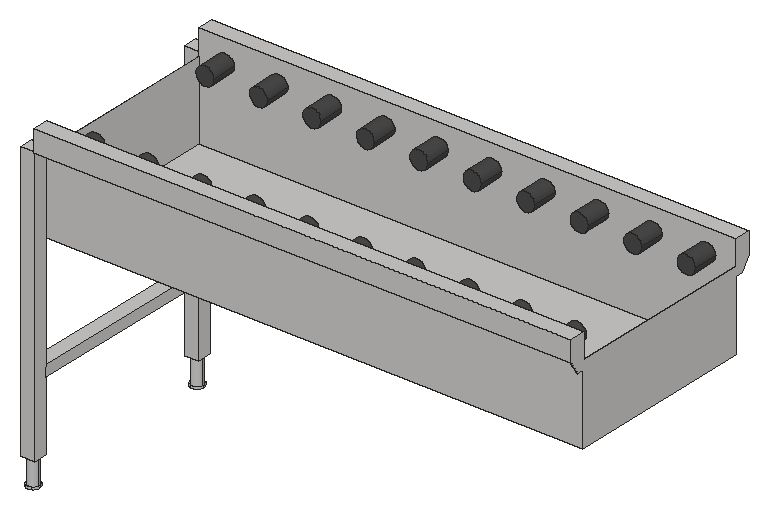
Revit family "QF_ELECTROLUXPROFESSIONAL_863070_HSSRDB15", category Specialty Equipment, Revit 2018
Family settings
  Round Connector Dimension = Use Diameter
  Part Type = Normal
  Work Plane-Based = No
  Always vertical = Yes
  Cut with Voids When Loaded = No
  Shared = No
  Room Calculation Point = No
Parameters
  Weight = 0.00 kg
  Watts = 0 W
  Volts = 0 V
  URL Manufacturer = "http://professional.electrolux.com/"
  URL = "http://professional.electrolux.com/"
  Steam Supply Size = 0 mm
  Steam Supply Minimum Pressure = 0.0 Pa
  Steam Supply Maximum Pressure = 0.0 Pa
  Steam Pounds per Hour = 0
  Refrigeration Suction Line Size = 0 mm
  Refrigeration Liquid Line Size = 0 mm
  Refrigerant Compressor Remote = yes
  Manufacturer = "Electrolux"
  Phase = 0
  Model = "HSSRDB15"
  Length Actual = 1500 mm  # constant formula
  Item Number = "863070"
  Hot Water Size = 0 mm
  Height Actual = 910 mm  # constant formula
  HP = "0 HP"
  Gas Size = 0 mm
  Gas KW = 0
  Gas Input Pressure = 0 W
  Description = "SHORT ROLLER CONVEYOR WITH DEEP BASIN,  L=1500 MM"
  Depth Actual = 620 mm  # constant formula
  Cycle = 0 Hz
  Condensate Return Size = 0 mm
  Compressed Air Volume = 0.0 L/s
  Compressed Air Size = 0 mm
  Compressed Air Pressure = 0.0 Pa
  Cold Water Size = 0 mm
  Accessory = yes
Reference planes
  plane 1 "Centro (Fronte/Retro)": y = 74.737
  plane 2: z = 0
  plane 3 "LEFT": x = -1038.761
  plane 4 "BACK": y = 384.737
  plane 5 "FRONT": y = -235.263
  plane 6: z = 910
  plane 7 "RIGHT": x = 461.239
  plane 8: x = -288.761
Forms (mm)
  Extrusion 1, solid, material "QF_Finishes_Stainless Steel"
    sketch origin (0, 74.737, 0) x (1, 0, 0) y (0, 0, 1)
      loop
        line (-1079.929, 300) -> (-1079.929, 270) -> (-1039.929, 270) -> (-1039.929, 300) -> (-1079.929, 300)
    from -266.504 to 266.46
  Extrusion 2, solid, material "QF_Finishes_Stainless Steel"
    sketch origin (11.239, 0, 0) x (0, 1, 0) y (0, 0, 1)
      loop
        line (-235.263, 910) -> (-235.263, 850.033) -> (-190.242, 850.033) -> (-190.242, 910) -> (-235.263, 910)
      loop
        line (384.737, 910) -> (339.716, 910) -> (339.716, 850.033) -> (384.737, 850.033) -> (384.737, 910)
    from -1048.8 to 448.8
  Extrusion 3, solid, material "QF_Finishes_Stainless Steel"
    sketch origin (11.239, 0, 0) x (0, 1, 0) y (0, 0, 1)
      loop
        line (-191.727, 850.033) -> (-191.727, 618.033) -> (341.245, 618.033) -> (341.245, 850.033) -> (339.716, 850.033) -> (339.716, 621.033) -> (-190.242, 621.033) -> (-190.242, 850.033) -> (-191.727, 850.033)
    from -1048.8 to 448.8
  Extrusion 4, solid, material "QF_Finishes_Stainless Steel"
    sketch origin (1761.239, 723.253, 4000) x (0, 1, 0) y (0, 0, 1)
      loop
        line (-958.516, -3090) -> (-958.516, -3149.967) -> (-934.752, -3185.632) -> (-914.981, -3185.632) -> (-914.981, -3381.967) -> (-382.009, -3381.967) -> (-382.009, -3185.632) -> (-362.281, -3185.632) -> (-338.516, -3149.967) -> (-338.516, -3090) -> (-383.538, -3090) -> (-383.538, -3161.926) -> (-913.495, -3161.926) -> (-913.495, -3090) -> (-958.516, -3090)
    from -1300 to -1301.2
  Revolve 5, solid, material "QF_Finishes_Stainless Steel"
    sketch origin (-288.761, 0, 0) x (0, 1, 0) y (0, 0, 1)
      loop
        line (74.737, 618.033) -> (-1.756, 618.033) -> (-1.756, 601.823) -> (0.354, 601.823)
        arc (0.354, 601.823) -> (3.64, 597.973) -> (0.351, 594.125) r 3.897
        line (0.351, 594.125) -> (-1.756, 594.125) -> (-1.756, 551.31)
        arc (-1.756, 551.31) -> (8.91, 520.632) -> (36.296, 503.17) r 49.497
        line (36.296, 503.17) -> (36.296, 500.684) -> (37.487, 497.398) -> (51.25, 491.407) -> (51.25, 455.535) -> (52.727, 454.059) -> (74.737, 454.059) -> (74.737, 618.033)
      axis (74.737, 454.059) -> (74.737, 618.033)
    angle from 0 to 360
  Extrusion 6, solid, material "QF_Finishes_Stainless Steel"
    sketch origin (-537.561, 723.253, 4000) x (0, 1, 0) y (0, 0, 1)
      loop
        line (-958.516, -3090) -> (-958.516, -3149.967) -> (-914.981, -3149.967) -> (-914.981, -3381.967) -> (-382.009, -3381.967) -> (-382.009, -3149.967) -> (-338.516, -3149.967) -> (-338.516, -3090) -> (-383.538, -3090) -> (-383.538, -3161.926) -> (-913.495, -3161.926) -> (-913.495, -3090) -> (-958.516, -3090)
    from -500 to -501.2
  Extrusion 7, solid, material "QF_Finishes_Black"
    sketch origin (0, 74.737, 0) x (1, 0, 0) y (0, 0, 1)
      loop
        circle (-961.28, 850.115) r 25
      loop
        circle (-811.832, 850.115) r 25
      loop
        circle (84.861, 850.115) r 25
      loop
        circle (234.309, 850.115) r 25
      loop
        circle (383.758, 850.115) r 25
      loop
        circle (-64.588, 850.115) r 25
      loop
        circle (-662.383, 850.115) r 25
      loop
        circle (-214.037, 850.115) r 25
      loop
        circle (-363.485, 850.115) r 25
      loop
        circle (-512.934, 850.115) r 25
    from 190.58 to 260.534
  Extrusion 8, solid, material "QF_Finishes_Black"
    sketch origin (0, 74.737, 0) x (1, 0, 0) y (0, 0, -1)
      loop
        circle (-961.28, -850.115) r 25
      loop
        circle (-811.832, -850.115) r 25
      loop
        circle (84.861, -850.115) r 25
      loop
        circle (234.309, -850.115) r 25
      loop
        circle (383.758, -850.115) r 25
      loop
        circle (-64.588, -850.115) r 25
      loop
        circle (-662.383, -850.115) r 25
      loop
        circle (-214.037, -850.115) r 25
      loop
        circle (-363.485, -850.115) r 25
      loop
        circle (-512.934, -850.115) r 25
    from 190.58 to 260.534
Cuts and joins
  joined: Extrusion 2, Extrusion 3, Extrusion 4, Revolve 5, Extrusion 6
Lines and regions (mm)
  Split face 1
    outline origin (758.239, 339.716, 621.033) x (-1, 0, 0) y (0, -1, 0)
      loop
        circle (1047, 264.904) r 3.016
  Split face 2
    outline origin (758.239, 339.716, 621.033) x (-1, 0, 0) y (0, -1, 0)
      loop
        circle (1047, 264.904) r 52.991
  Split face 3
    outline origin (758.239, 339.716, 621.033) x (-1, 0, 0) y (0, -1, 0)
      loop
        circle (1047, 264.904) r 36.015
  Split face 4
    outline origin (758.239, 339.716, 621.033) x (-1, 0, 0) y (0, -1, 0)
      loop
        circle (1047, 264.904) r 26.027
  Split face 5
    outline origin (758.239, 339.716, 621.033) x (-1, 0, 0) y (0, -1, 0)
      loop
        circle (1047, 264.904) r 9.056
  Masking region 1
    outline origin (0, 0, 0) x (1, 0, 0) y (0, 1, 0)
      loop
        line (-1038.761, 384.737) -> (-1038.761, -235.263) -> (461.239, -235.263) -> (461.239, 384.737) -> (-1038.761, 384.737)
  symbolic lines
    curve 1: line (461.239, 384.737, 0) -> (-1038.761, 384.737, 0)
    curve 2: line (-1038.761, 384.737, 0) -> (-1038.761, -235.263, 0)
    curve 3: line (-1038.761, 339.716, 0) -> (461.239, 339.716, 0)
    curve 4: line (-1038.761, -235.263, 0) -> (461.239, -235.263, 0)
    curve 5: line (461.239, -235.263, 0) -> (461.239, 384.737, 0)
    curve 6: line (461.239, -190.242, 0) -> (-1038.761, -190.242, 0)
    curve 7: line (-936.28, -185.797, 0) -> (-986.28, -185.797, 0)
    curve 8: line (-986.28, -185.797, 0) -> (-986.28, -115.842, 0)
    curve 9: line (-986.28, -115.842, 0) -> (-936.28, -115.842, 0)
    curve 10: line (-936.28, -115.842, 0) -> (-936.28, -185.797, 0)
    curve 11: line (-786.832, -185.797, 0) -> (-836.832, -185.797, 0)
    curve 12: line (-836.832, -185.797, 0) -> (-836.832, -115.842, 0)
    curve 13: line (-836.832, -115.842, 0) -> (-786.832, -115.842, 0)
    curve 14: line (-786.832, -115.842, 0) -> (-786.832, -185.797, 0)
    curve 15: line (-637.383, -185.797, 0) -> (-687.383, -185.797, 0)
    curve 16: line (-687.383, -185.797, 0) -> (-687.383, -115.842, 0)
    curve 17: line (-687.383, -115.842, 0) -> (-637.383, -115.842, 0)
    curve 18: line (-637.383, -115.842, 0) -> (-637.383, -185.797, 0)
    curve 19: line (-189.037, -185.797, 0) -> (-239.037, -185.797, 0)
    curve 20: line (-239.037, -185.797, 0) -> (-239.037, -115.842, 0)
    curve 21: line (-239.037, -115.842, 0) -> (-189.037, -115.842, 0)
    curve 22: line (-189.037, -115.842, 0) -> (-189.037, -185.797, 0)
    curve 23: line (461.239, 74.737, 0) -> (431.239, 74.737, 0)
    curve 24: line (-1038.761, 74.737, 0) -> (-1008.761, 74.737, 0)
    curve 25: arc (-288.761, 151.231, 0) -> (-212.267, 74.737, 0) -> (-288.761, -1.756, 0) r 76.494
    curve 26: arc (-288.761, -1.756, 0) -> (-365.254, 74.737, 0) -> (-288.761, 151.231, 0) r 76.494
    curve 27: arc (-288.761, 96.747, 0) -> (-310.771, 74.737, 0) -> (-288.761, 52.727, 0) r 22.01
    curve 28: arc (-288.761, 52.727, 0) -> (-266.751, 74.737, 0) -> (-288.761, 96.747, 0) r 22.01
    curve 29: line (-39.588, -185.797, 0) -> (-89.588, -185.797, 0)
    curve 30: line (-89.588, -185.797, 0) -> (-89.588, -115.842, 0)
    curve 31: line (-89.588, -115.842, 0) -> (-39.588, -115.842, 0)
    curve 32: line (-39.588, -115.842, 0) -> (-39.588, -185.797, 0)
    curve 33: line (109.861, -185.797, 0) -> (59.861, -185.797, 0)
    curve 34: line (59.861, -185.797, 0) -> (59.861, -115.842, 0)
    curve 35: line (59.861, -115.842, 0) -> (109.861, -115.842, 0)
    curve 36: line (109.861, -115.842, 0) -> (109.861, -185.797, 0)
    curve 37: line (408.758, -185.797, 0) -> (358.758, -185.797, 0)
    curve 38: line (358.758, -185.797, 0) -> (358.758, -115.842, 0)
    curve 39: line (358.758, -115.842, 0) -> (408.758, -115.842, 0)
    curve 40: line (408.758, -115.842, 0) -> (408.758, -185.797, 0)
    curve 41: line (-487.934, -185.797, 0) -> (-537.934, -185.797, 0)
    curve 42: line (-537.934, -185.797, 0) -> (-537.934, -115.842, 0)
    curve 43: line (-537.934, -115.842, 0) -> (-487.934, -115.842, 0)
    curve 44: line (-487.934, -115.842, 0) -> (-487.934, -185.797, 0)
    curve 45: line (-338.485, -185.797, 0) -> (-388.485, -185.797, 0)
    curve 46: line (-388.485, -185.797, 0) -> (-388.485, -115.842, 0)
    curve 47: line (-388.485, -115.842, 0) -> (-338.485, -115.842, 0)
    curve 48: line (-338.485, -115.842, 0) -> (-338.485, -185.797, 0)
    curve 49: line (259.309, -185.797, 0) -> (209.309, -185.797, 0)
    curve 50: line (209.309, -185.797, 0) -> (209.309, -115.842, 0)
    curve 51: line (209.309, -115.842, 0) -> (259.309, -115.842, 0)
    curve 52: line (259.309, -115.842, 0) -> (259.309, -185.797, 0)
    curve 53: line (-936.28, 335.271, 0) -> (-986.28, 335.271, 0)
    curve 54: line (-986.28, 335.271, 0) -> (-986.28, 265.317, 0)
    curve 55: line (-986.28, 265.317, 0) -> (-936.28, 265.317, 0)
    curve 56: line (-936.28, 265.317, 0) -> (-936.28, 335.271, 0)
    curve 57: line (-786.832, 335.271, 0) -> (-836.832, 335.271, 0)
    curve 58: line (-836.832, 335.271, 0) -> (-836.832, 265.317, 0)
    curve 59: line (-836.832, 265.317, 0) -> (-786.832, 265.317, 0)
    curve 60: line (-786.832, 265.317, 0) -> (-786.832, 335.271, 0)
    curve 61: line (-637.383, 335.271, 0) -> (-687.383, 335.271, 0)
    curve 62: line (-687.383, 335.271, 0) -> (-687.383, 265.317, 0)
    curve 63: line (-687.383, 265.317, 0) -> (-637.383, 265.317, 0)
    curve 64: line (-637.383, 265.317, 0) -> (-637.383, 335.271, 0)
    curve 65: line (-189.037, 335.271, 0) -> (-239.037, 335.271, 0)
    curve 66: line (-239.037, 335.271, 0) -> (-239.037, 265.317, 0)
    curve 67: line (-239.037, 265.317, 0) -> (-189.037, 265.317, 0)
    curve 68: line (-189.037, 265.317, 0) -> (-189.037, 335.271, 0)
    curve 69: line (-39.588, 335.271, 0) -> (-89.588, 335.271, 0)
    curve 70: line (-89.588, 335.271, 0) -> (-89.588, 265.317, 0)
    curve 71: line (-89.588, 265.317, 0) -> (-39.588, 265.317, 0)
    curve 72: line (-39.588, 265.317, 0) -> (-39.588, 335.271, 0)
    curve 73: line (109.861, 335.271, 0) -> (59.861, 335.271, 0)
    curve 74: line (59.861, 335.271, 0) -> (59.861, 265.317, 0)
    curve 75: line (59.861, 265.317, 0) -> (109.861, 265.317, 0)
    curve 76: line (109.861, 265.317, 0) -> (109.861, 335.271, 0)
    curve 77: line (408.758, 335.271, 0) -> (358.758, 335.271, 0)
    curve 78: line (358.758, 335.271, 0) -> (358.758, 265.317, 0)
    curve 79: line (358.758, 265.317, 0) -> (408.758, 265.317, 0)
    curve 80: line (408.758, 265.317, 0) -> (408.758, 335.271, 0)
    curve 81: line (-487.934, 335.271, 0) -> (-537.934, 335.271, 0)
    curve 82: line (-537.934, 335.271, 0) -> (-537.934, 265.317, 0)
    curve 83: line (-537.934, 265.317, 0) -> (-487.934, 265.317, 0)
    curve 84: line (-487.934, 265.317, 0) -> (-487.934, 335.271, 0)
    curve 85: line (-338.485, 335.271, 0) -> (-388.485, 335.271, 0)
    curve 86: line (-388.485, 335.271, 0) -> (-388.485, 265.317, 0)
    curve 87: line (-388.485, 265.317, 0) -> (-338.485, 265.317, 0)
    curve 88: line (-338.485, 265.317, 0) -> (-338.485, 335.271, 0)
    curve 89: line (259.309, 335.271, 0) -> (209.309, 335.271, 0)
    curve 90: line (209.309, 335.271, 0) -> (209.309, 265.317, 0)
    curve 91: line (209.309, 265.317, 0) -> (259.309, 265.317, 0)
    curve 92: line (259.309, 265.317, 0) -> (259.309, 335.271, 0)
Dimensions and locks
  plane 3 "LEFT" to plane 7 "RIGHT" = 1500 mm
  equal spacing: plane 4 "BACK", plane 1 "Centro (Fronte/Retro)", plane 5 "FRONT"
  plane 4 "BACK" to plane 5 "FRONT" = 620 mm
  equal spacing: plane 3 "LEFT", plane 8, plane 7 "RIGHT"
  locked: Extrusion 7 sketch curve to plane 3 "LEFT" at 77.481
  locked: plane 7 "RIGHT" to Extrusion 7 sketch curve at 77.481
  equal spacing: Extrusion 7 sketch curve, Extrusion 7 sketch curve, Extrusion 7 sketch curve, Extrusion 7 sketch curve, Extrusion 7 sketch curve, Extrusion 7 sketch curve, Extrusion 7 sketch curve, Extrusion 7 sketch curve, Extrusion 7 sketch curve, Extrusion 7 sketch curve
  equal spacing: Extrusion 8 sketch curve, Extrusion 8 sketch curve, Extrusion 8 sketch curve, Extrusion 8 sketch curve, Extrusion 8 sketch curve, Extrusion 8 sketch curve, Extrusion 8 sketch curve, Extrusion 8 sketch curve, Extrusion 8 sketch curve, Extrusion 8 sketch curve
  aligned and locked: level to plane 2
  aligned and locked: plane 8 to cut or joined group of Extrusion 2, Extrusion 3, Extrusion 4, Revolve 5, Extrusion 6
Automatic sketch dimensions
  curve 25 to curve 26 = 0 mm  (x2)
  curve 25 to curve 27 = 0 mm  (x2)
  curve 25 to curve 28 = 0 mm  (x2)
  curve 26 to curve 27 = 0 mm  (x2)
  curve 26 to curve 28 = 0 mm  (x2)
  curve 27 to curve 28 = 0 mm  (x2)
  curve 1 to plane 3 "LEFT" = 0 mm
  plane 1 "Centro (Fronte/Retro)" to curve 24 = 0 mm
  curve 25 to plane 8 = 0 mm
  plane 1 "Centro (Fronte/Retro)" to curve 23 = 0 mm
  curve 6 to plane 7 "RIGHT" = 0 mm
  curve 4 to plane 5 "FRONT" = 0 mm
  plane 1 "Centro (Fronte/Retro)" to curve 25 = 0 mm
  curve 2 to plane 4 "BACK" = 0 mm
  plane 3 "LEFT" to curve 54 = 52.481 mm
  plane 3 "LEFT" to curve 9 = 52.481 mm
  curve 8 to curve 9 = 50 mm
  curve 54 to curve 55 = 50 mm
  curve 9 to curve 12 = 99.449 mm
  curve 55 to curve 59 = 99.449 mm
  curve 11 to curve 11 = 50 mm
  curve 57 to curve 60 = 50 mm
  curve 59 to curve 63 = 99.449 mm
  plane 5 "FRONT" to curve 16 = 49.466 mm
  curve 11 to curve 16 = 99.449 mm
  curve 61 to curve 61 = 50 mm
  curve 15 to curve 15 = 50 mm
  plane 5 "FRONT" to curve 42 = 49.466 mm
  curve 15 to curve 42 = 99.449 mm
  curve 63 to curve 83 = 99.449 mm
  curve 82 to curve 84 = 50 mm
  curve 41 to curve 44 = 50 mm
  curve 43 to curve 47 = 99.449 mm
  curve 85 to plane 4 "BACK" = 49.466 mm
  curve 81 to curve 85 = 99.449 mm
  plane 8 to curve 88 = 49.724 mm
  plane 8 to curve 48 = 49.724 mm
  curve 20 to plane 8 = 49.724 mm
  curve 67 to plane 8 = 49.724 mm
  curve 19 to curve 22 = 50 mm
  curve 66 to curve 67 = 50 mm
  curve 67 to curve 70 = 99.449 mm
  plane 5 "FRONT" to curve 29 = 49.466 mm
  curve 19 to curve 29 = 99.449 mm
  curve 70 to curve 72 = 50 mm
  curve 29 to curve 32 = 50 mm
  plane 5 "FRONT" to curve 34 = 49.466 mm
  curve 29 to curve 34 = 99.449 mm
  curve 74 to plane 4 "BACK" = 49.466 mm
  curve 69 to curve 74 = 99.449 mm
  curve 73 to curve 76 = 50 mm
  curve 33 to curve 33 = 50 mm
  curve 75 to curve 91 = 99.449 mm
  curve 35 to curve 51 = 99.449 mm
  curve 49 to curve 49 = 50 mm
  curve 89 to curve 89 = 50 mm
  curve 51 to curve 38 = 99.449 mm
  curve 91 to curve 79 = 99.449 mm
  curve 38 to curve 40 = 50 mm
  curve 78 to curve 79 = 50 mm
  plane 5 "FRONT" to curve 40 = 49.466 mm
  plane 5 "FRONT" to curve 52 = 49.466 mm
  plane 5 "FRONT" to curve 46 = 49.466 mm
  plane 5 "FRONT" to curve 7 = 49.466 mm
  plane 5 "FRONT" to curve 11 = 49.466 mm
  plane 5 "FRONT" to curve 19 = 49.466 mm
  curve 19 to curve 21 = 69.954 mm
  curve 45 to curve 48 = 69.954 mm
  curve 15 to curve 18 = 69.954 mm
  curve 41 to curve 44 = 69.954 mm
  curve 11 to curve 14 = 69.954 mm
  curve 29 to curve 30 = 69.954 mm
  curve 7 to curve 10 = 69.954 mm
  curve 33 to curve 34 = 69.954 mm
  curve 49 to curve 50 = 69.954 mm
  curve 37 to curve 38 = 69.954 mm
  curve 87 to curve 85 = 69.954 mm
  curve 90 to plane 4 "BACK" = 119.42 mm
  curve 84 to curve 86 = 0 mm
  curve 54 to plane 4 "BACK" = 119.42 mm
  curve 80 to plane 4 "BACK" = 119.42 mm
  curve 55 to curve 58 = 0 mm
  curve 76 to curve 73 = 69.954 mm
  curve 59 to curve 62 = 0 mm
  curve 72 to curve 74 = 0 mm
  curve 87 to curve 66 = 0 mm
  curve 70 to plane 4 "BACK" = 49.466 mm
  curve 68 to plane 4 "BACK" = 49.466 mm
  curve 64 to plane 4 "BACK" = 49.466 mm
  curve 77 to plane 4 "BACK" = 49.466 mm
  curve 60 to plane 4 "BACK" = 49.466 mm
  curve 81 to plane 4 "BACK" = 49.466 mm
  curve 56 to plane 4 "BACK" = 49.466 mm
  curve 90 to plane 4 "BACK" = 49.466 mm
  plane 3 "LEFT" to curve 24 = 30 mm
  curve 23 to plane 7 "RIGHT" = 30 mm
  curve 4 to curve 6 = 45.021 mm
  curve 26 to curve 25 = 76.494 mm
  curve 27 to curve 25 = 22.01 mm
  curve 3 to curve 1 = 45.021 mm
  Extrusion 1 sketch curve to plane 3 "LEFT" = 41.168 mm
  Extrusion 1 sketch curve to plane 3 "LEFT" = 1.168 mm
  level to Extrusion 1 sketch curve = 270 mm
  Extrusion 1 sketch curve to Extrusion 1 sketch curve = 30 mm
  Extrusion 2 sketch curve to plane 5 "FRONT" = 0 mm
  Extrusion 2 sketch curve to plane 6 = 0 mm  (x2)
  Extrusion 2 sketch curve to plane 4 "BACK" = 0 mm
  plane 5 "FRONT" to Extrusion 2 sketch curve = 45.021 mm
  Extrusion 2 sketch curve to plane 4 "BACK" = 45.021 mm
  Extrusion 2 sketch curve to Extrusion 2 sketch curve = 59.967 mm  (x2)
  plane 5 "FRONT" to Extrusion 3 sketch curve = 43.536 mm
  Extrusion 3 sketch curve to Extrusion 3 sketch curve = 1.486 mm
  Extrusion 3 sketch curve to plane 4 "BACK" = 45.021 mm
  Extrusion 3 sketch curve to Extrusion 3 sketch curve = 1.529 mm
  Extrusion 3 sketch curve to plane 6 = 291.967 mm
  Extrusion 3 sketch curve to Extrusion 3 sketch curve = 3 mm
  Extrusion 3 sketch curve to plane 6 = 59.967 mm  (x2)
  Extrusion 4 sketch curve to plane 5 "FRONT" = 0 mm
  Extrusion 4 sketch curve to plane 6 = 0 mm  (x2)
  Extrusion 4 sketch curve to plane 4 "BACK" = 0 mm
  plane 5 "FRONT" to Extrusion 4 sketch curve = 23.764 mm
  plane 5 "FRONT" to Extrusion 4 sketch curve = 43.536 mm
  plane 5 "FRONT" to Extrusion 4 sketch curve = 45.021 mm
  Extrusion 4 sketch curve to plane 4 "BACK" = 45.021 mm
  Extrusion 4 sketch curve to plane 4 "BACK" = 43.492 mm
  Extrusion 4 sketch curve to Extrusion 4 sketch curve = 19.728 mm
  Extrusion 4 sketch curve to Extrusion 4 sketch curve = 59.967 mm  (x2)
  Extrusion 4 sketch curve to Extrusion 4 sketch curve = 11.959 mm
  Extrusion 4 sketch curve to Extrusion 4 sketch curve = 23.706 mm  (x2)
  Extrusion 4 sketch curve to Extrusion 4 sketch curve = 196.335 mm
  Revolve 5 sketch curve to plane 1 "Centro (Fronte/Retro)" = 0 mm  (x2)
  plane 1 "Centro (Fronte/Retro)" to Revolve 5 sketch curve = 22.01 mm
  plane 1 "Centro (Fronte/Retro)" to Revolve 5 sketch curve = 23.487 mm
  plane 1 "Centro (Fronte/Retro)" to Revolve 5 sketch curve = 26.996 mm
  Revolve 5 sketch curve to Revolve 5 sketch curve = 13.764 mm
  Revolve 5 sketch curve to Revolve 5 sketch curve = 1.191 mm
  Revolve 5 sketch curve to Revolve 5 sketch curve = 47.387 mm
  Revolve 5 sketch curve to Revolve 5 sketch curve = 0.003 mm
  Revolve 5 sketch curve to Revolve 5 sketch curve = 0.608 mm
  Revolve 5 sketch curve to Revolve 5 sketch curve = 2.107 mm
  Revolve 5 sketch curve to Revolve 5 sketch curve = 2.11 mm
  level to Revolve 5 sketch curve = 454.059 mm
  Revolve 5 sketch curve to Revolve 5 sketch curve = 1.476 mm
  Revolve 5 sketch curve to Revolve 5 sketch curve = 35.872 mm
  Revolve 5 sketch curve to Revolve 5 sketch curve = 5.991 mm
  Revolve 5 sketch curve to Revolve 5 sketch curve = 3.286 mm
  Revolve 5 sketch curve to Revolve 5 sketch curve = 2.486 mm
  Revolve 5 sketch curve to Revolve 5 sketch curve = 48.139 mm
  Revolve 5 sketch curve to Revolve 5 sketch curve = 42.815 mm
  Revolve 5 sketch curve to Revolve 5 sketch curve = 3.849 mm
  Revolve 5 sketch curve to Revolve 5 sketch curve = 66.706 mm
  Revolve 5 sketch curve to Revolve 5 sketch curve = 3 mm
  Revolve 5 sketch curve to Revolve 5 sketch curve = 14.991 mm
  cut or joined group of Extrusion 2, Extrusion 3, Extrusion 4, Revolve 5, Extrusion 6 to Split face 1 sketch curve = 264.904 mm
  cut or joined group of Extrusion 2, Extrusion 3, Extrusion 4, Revolve 5, Extrusion 6 to Split face 1 sketch curve = 748.8 mm
  cut or joined group of Extrusion 2, Extrusion 3, Extrusion 4, Revolve 5, Extrusion 6 to Split face 2 sketch curve = 264.904 mm
  cut or joined group of Extrusion 2, Extrusion 3, Extrusion 4, Revolve 5, Extrusion 6 to Split face 2 sketch curve = 748.8 mm
  cut or joined group of Extrusion 2, Extrusion 3, Extrusion 4, Revolve 5, Extrusion 6 to Split face 3 sketch curve = 264.904 mm
  cut or joined group of Extrusion 2, Extrusion 3, Extrusion 4, Revolve 5, Extrusion 6 to Split face 3 sketch curve = 748.8 mm
  cut or joined group of Extrusion 2, Extrusion 3, Extrusion 4, Revolve 5, Extrusion 6 to Split face 4 sketch curve = 264.904 mm
  cut or joined group of Extrusion 2, Extrusion 3, Extrusion 4, Revolve 5, Extrusion 6 to Split face 4 sketch curve = 748.8 mm
  cut or joined group of Extrusion 2, Extrusion 3, Extrusion 4, Revolve 5, Extrusion 6 to Split face 5 sketch curve = 264.904 mm
  cut or joined group of Extrusion 2, Extrusion 3, Extrusion 4, Revolve 5, Extrusion 6 to Split face 5 sketch curve = 748.8 mm
  Masking region 1 sketch curve to plane 3 "LEFT" = 0 mm
  Masking region 1 sketch curve to plane 5 "FRONT" = 0 mm
  Masking region 1 sketch curve to plane 7 "RIGHT" = 0 mm
  Masking region 1 sketch curve to plane 4 "BACK" = 0 mm
  Extrusion 6 sketch curve to plane 5 "FRONT" = 0 mm
  Extrusion 6 sketch curve to plane 6 = 0 mm  (x2)
  Extrusion 6 sketch curve to plane 4 "BACK" = 0 mm
  plane 5 "FRONT" to Extrusion 6 sketch curve = 43.536 mm
  plane 5 "FRONT" to Extrusion 6 sketch curve = 45.021 mm
  Extrusion 6 sketch curve to plane 4 "BACK" = 45.021 mm
  Extrusion 6 sketch curve to plane 4 "BACK" = 43.492 mm
  Extrusion 6 sketch curve to Extrusion 6 sketch curve = 59.967 mm  (x2)
  Extrusion 6 sketch curve to Extrusion 6 sketch curve = 11.959 mm
  Extrusion 6 sketch curve to Extrusion 6 sketch curve = 220.041 mm
  Extrusion 7 sketch curve to plane 6 = 59.885 mm  (x10)
  plane 3 "LEFT" to Extrusion 8 sketch curve = 77.481 mm
  Extrusion 8 sketch curve to plane 6 = 59.885 mm  (x10)
  Extrusion 8 sketch curve to Extrusion 8 sketch curve = 149.449 mm
  radius of Split face 1 sketch curve = 3.016 mm
  radius of Split face 2 sketch curve = 52.991 mm
  radius of Split face 3 sketch curve = 36.015 mm
  radius of Split face 4 sketch curve = 26.027 mm
  radius of Split face 5 sketch curve = 9.056 mm
  radius of Extrusion 7 sketch curve = 25 mm  (x10)
  radius of Extrusion 8 sketch curve = 25 mm  (x10)
Nested families
  nested 1: "Foot_40x40" at (-1059.929, 361.245, 0), type "Foot_40x40"
    with A 850.033 mm
  nested 2: "Foot_40x40" at (-1059.929, -211.771, 0), type "Foot_40x40"
    with A 850.033 mm
Connectors
  piping at (-288.761, 74.737, 454.059), diameter 30
    settings: on cut or joined group of Extrusion 2, Extrusion 3, Extrusion 4, Revolve 5, Extrusion 6, index 1, connector inside diameter 609.6 mm, connector length 0 mm, flow factor 0, pipe flow 0.0 L/s, pressure drop 0.0 Pa, fitting loss kfactor 0, connector angle 0.00°, fixture units 0, engagement length 0 mm, angle of deflection 0.00°, flow configuration 1, flow direction 2, fitting loss method 0, system type 16, joint type 0, gender type 0, connector reference index -1, connector utility 0, adjustable connector no, is connector primary yes, connector description "Drain"
Definition of nested family "Foot_40x40"
  Parameters
    A [instance] = 850 mm
  Reference planes
    plane 1 "Centro (Fronte/Retro)": y = 0
    plane 2: z = 0
    plane 3 "Centro (Sinistra/Destra)": x = 0
    plane 4: z = 850
  Forms (mm)
    Extrusion 1, solid
      sketch origin (0, 0, 0) x (1, 0, 0) y (0, 1, 0)
        loop
          circle (0, 0) r 18
      from 0 to 5
    Extrusion 2, solid
      sketch origin (0, 0, 5) x (1, 0, 0) y (0, 1, 0)
        loop
          circle (0, 0) r 15
      from 0 to 70
    Extrusion 3, solid
      sketch origin (0, 0, 75) x (1, 0, 0) y (0, 1, 0)
        loop
          line (-20, 20) -> (-20, -20) -> (20, -20) -> (20, 20) -> (-20, 20)
      from 0 to 775
  Dimensions and locks
    "A": plane 4 to plane 2
    aligned and locked: level to plane 2
    aligned and locked: plane 4 to Extrusion 3
    aligned and locked: Extrusion 1 to level
  Automatic sketch dimensions
    plane 1 "Centro (Fronte/Retro)" to Extrusion 1 sketch curve = 0 mm
    Extrusion 1 sketch curve to plane 3 "Centro (Sinistra/Destra)" = 0 mm
    Extrusion 3 sketch curve to Extrusion 3 sketch curve = 40 mm  (x2)
    radius of Extrusion 1 sketch curve = 18 mm
    radius of Extrusion 2 sketch curve to Extrusion 1 = 3 mm
